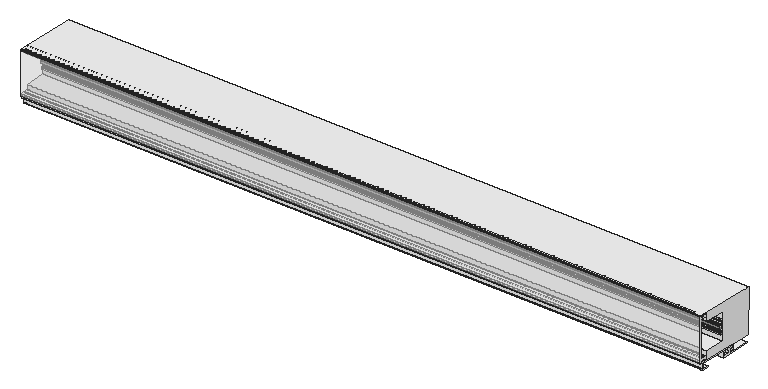
Revit family "3L-WS-D_AR", category Lighting Fixtures, host Face, Revit 2014
Parameters (values of type "3L-WS-D-4-SOF")
  Width = 3.500"  # constant formula
  Wattage = 34 W
  Warranty = "5-Years Warranty"  # constant formula
  built-in parameter 1150110 = 1 (stored number, unit not read)
  Voltage = 120 V
  Type Comments = "Lighting Fixture"  # constant formula
  built-in parameter 1114217 = 1 (stored number, unit not read)
  Tilt Angle = 90.00°
  built-in parameter 1150109 = 1 (stored number, unit not read)
  built-in parameter 1150134 = (empty or 0)
  built-in parameter 1150113 = 1 (stored number, unit not read)
  Starting Length = (Row Length / 2) * -1  # -24.000"
  Power Factor = 1
  Photometric Web File = "3L-WSx-D-4-SOF-X-CX-35K-D035.ies"
  Photometric Notes = "More IES files download on Photometric Link"  # constant formula
  Row Length = 48.000"
  Wattage Comments = "18W"
  URL = "https://www.hubbell.com/litecontrol/en/"
  Mounting = "Perimeter"  # constant formula
  Model = "MOD™ 3 LED Perimeter Wall/Slot® Direct"  # constant formula
  Manufacturer = "Litecontrol Lighting"  # constant formula
  built-in parameter 1150105 = 265.15 (stored number, unit not read)
  Lumens = 3332 lm
  built-in parameter 1150115 = 1 (stored number, unit not read)
  Load Classification = Lighting
  built-in parameter 1150137 = (empty or 0)
  built-in parameter 1150139 = (empty or 0)
  built-in parameter 1150112 = 1 (stored number, unit not read)
  built-in parameter 1150114 = 1 (stored number, unit not read)
  Lamp = "LED"  # constant formula
  built-in parameter 1150132 = (empty or 0)
  built-in parameter 1150102 = (empty or 0)
  built-in parameter 1150107 = 3500 (stored number, unit not read)
  built-in parameter 1150138 = (empty or 0)
  built-in parameter 1150106 = 2.6515 (stored number, unit not read)
  Height = 10.500"  # constant formula
  Glass = Paint - Hubbell - Textured Matte White
  Fixture Distribution = "Direct/Asymmetric Direct"  # constant formula
  Features = "Variable Intensity technology provides specifiable\r\nlumen output/wattage\r\n• End cap design eliminates visible diffuser seams/gaps\r\n• 2 SDCM color variation"  # constant formula
  Ending Length = (Row Length / 2)  # 24.000"
  Emit from Rectangle Width = Row Length - 1.000"  # 47.000"
  Emit from Rectangle Length = Width  # 3.500"
  Emit Shape Visible in Rendering = no
  built-in parameter 1150104 = 9.1045 (stored number, unit not read)
  Dimming Lamp Color Temperature Shift = <None>
  Description = "MOD™ 3 LED Perimeter Wall/Slot® Direct"  # constant formula
  Depth = 4.313"  # constant formula
  Default Elevation = 48.000"
  Create Date = "02/19/2019"  # constant formula
  Copyright = "Copyright © 2019 Litecontrol"  # constant formula
  Contact Us = "https://www.hubbell.com/hubbelllightingci/en/contactUS"
  Color Filter = 16777215
  Circuiting = "1Circuit"  # constant formula
  Bulb = Glass - Hubbell - White
  built-in parameter 1114218 = 1 (stored number, unit not read)
  Housing Material = Paint - Hubbell - Matte White
  built-in parameter 1150133 = 10 (stored number, unit not read)
  Assembly Code = "D5020200"
  Application = "Commercial Indoor,Institutional,Retail,Education,Healthcare,Library,Office,Perimeter Lighting,Public Space"  # constant formula
  Apparent Load = 0 VA
Types (3): name | Photometric Web File
  (no name) | "3L-WSx-D-4-SOF-X-CX-35K-D035.ies"
  3L-WS-D-4-NRW | "3L-WSx-D-4-NRW-X-CX-35K-D035.ies"
  3L-WS-D-4-SOF | "3L-WSx-D-4-SOF-X-CX-35K-D035.ies"
Reference planes (in)
  plane 1 "Center (Front/Back)": y = 13.01342
  plane 2: z = 0
  plane 3 "Center (Left/Right)": x = 0
  plane 4: x = -24
  plane 5: x = 24
  plane 6: z = 3.5
  plane 7: z = 0.625
  plane 8: y = 15.16992
  plane 9: y = 10.85692
Forms (in)
  Extrusion 1, solid, material "Paint - Hubbell - Matte White" <- "Housing Material"
    sketch origin (0, 0, 0) x (0, 1, 0) y (0, 0, 1)
      loop
        line (15.16992, 3.5) -> (10.98962, 3.5) -> (10.98962, 3.45757) -> (11.50525, 3.45757) -> (11.50525, 2.95861) -> (12.87603, 2.89768) -> (12.87603, 1.08511) -> (11.52756, 1.02692) -> (11.50525, 0.51658) -> (11.00525, 0.51658) -> (11.00525, 0.4429) -> (15.16992, 0.4429) -> (15.16992, 3.5)
      loop
        line (10.85692, 3.45757) -> (10.85692, 0.51658) -> (10.94277, 0.51658) -> (10.94277, 0.58385) -> (11.22043, 0.66874)
        spline (11.22043, 0.66874) -> (11.26123, 0.62829) -> (11.28879, 0.60319) -> (11.30861, 0.59002) -> (11.32601, 0.58544) -> (11.34283, 0.5873) -> (11.35797, 0.59445) -> (11.37039, 0.60581) -> (11.3806, 0.621) -> (11.39028, 0.64008) -> (11.401, 0.66316) -> (11.4125, 0.6906) -> (11.423, 0.72299)
        arc (11.423, 0.72299) -> (11.41011, 0.74044) -> (11.38905, 0.73528) r 0.01957
        spline (11.38905, 0.73528) -> (11.32346, 0.67336) -> (11.29161, 0.66677) -> (11.27482, 0.68408) -> (11.2598, 0.70279) -> (11.24303, 0.71662) -> (11.22216, 0.72203) -> (11.19526, 0.71976) -> (11.16057, 0.71163) -> (11.11637, 0.69949) -> (11.06416, 0.68506) -> (11.00941, 0.66992) -> (10.95784, 0.65567)
        line (10.95784, 0.65567) -> (10.95784, 3.31848)
        spline (10.95784, 3.31848) -> (11.00941, 3.30422) -> (11.06416, 3.28909) -> (11.11637, 3.27465) -> (11.16057, 3.26251) -> (11.19526, 3.25439) -> (11.22216, 3.25212) -> (11.24303, 3.25752) -> (11.2598, 3.27136) -> (11.27482, 3.29007) -> (11.29161, 3.30737) -> (11.32346, 3.30079) -> (11.38905, 3.23886)
        arc (11.38905, 3.23886) -> (11.41011, 3.23371) -> (11.423, 3.25115) r 0.01957
        spline (11.423, 3.25115) -> (11.4125, 3.28355) -> (11.401, 3.31099) -> (11.39028, 3.33406) -> (11.3806, 3.35314) -> (11.37039, 3.36833) -> (11.35797, 3.3797) -> (11.34283, 3.38685) -> (11.32601, 3.38871) -> (11.30861, 3.38413) -> (11.28879, 3.37096) -> (11.26123, 3.34585) -> (11.22043, 3.3054)
        line (11.22043, 3.3054) -> (10.94277, 3.39029) -> (10.94277, 3.45757) -> (10.85692, 3.45757)
    from 24 <- "Ending Length" to -24 <- "Starting Length"
  Extrusion 2, solid, material "Paint - Hubbell - Matte White" <- "Housing Material"
    sketch origin (0, 0, 0) x (0, 1, 0) y (0, 0, 1)
      loop
        line (13.73893, 0.28651) -> (13.73893, 0.34654) -> (13.38127, 0.34654) -> (13.38127, 0.27501) -> (13.45408, 0.27501) -> (13.45408, 0.02465) -> (13.02871, 0.02465) -> (13.02871, 0.27501) -> (13.08619, 0.27501) -> (13.08619, 0.34654) -> (12.97634, 0.34654) -> (12.97634, -0.03056) -> (15.04279, -0.03056) -> (15.04279, 0.02465) -> (13.93692, 0.02465) -> (13.51539, 0.02465) -> (13.51539, 0.28651) -> (13.73893, 0.28651)
      loop
        line (13.74304, 0.18665) -> (13.57032, 0.18665) -> (13.57032, 0.13067) -> (13.73382, 0.13067)
        arc (13.73382, 0.13067) -> (13.79795, 0.15723) -> (13.82452, 0.22136) r 0.09069
        line (13.82452, 0.22136) -> (13.82452, 0.35165)
        arc (13.82452, 0.35165) -> (13.79795, 0.41578) -> (13.73382, 0.44235) r 0.09069
        line (13.73382, 0.44235) -> (11.22167, 0.44235)
        arc (11.22167, 0.44235) -> (11.16346, 0.42121) -> (11.13239, 0.36764) r 0.09069
        line (11.13239, 0.36764) -> (11.13239, 0.06165)
        arc (11.13239, 0.06165) -> (11.16346, 0.00808) -> (11.22167, -0.01306) r 0.09069
        line (11.22167, -0.01306) -> (11.61775, -0.01306) -> (11.61775, 0.04077) -> (11.21299, 0.04077)
        arc (11.21299, 0.04077) -> (11.18987, 0.05035) -> (11.18029, 0.07347) r 0.03269
        line (11.18029, 0.07347) -> (11.18029, 0.35582)
        arc (11.18029, 0.35582) -> (11.18987, 0.37894) -> (11.21299, 0.38852) r 0.03269
        line (11.21299, 0.38852) -> (13.74218, 0.38852)
        arc (13.74218, 0.38852) -> (13.76741, 0.37807) -> (13.77786, 0.35283) r 0.03568
        line (13.77786, 0.35283) -> (13.77786, 0.22147)
        arc (13.77786, 0.22147) -> (13.76766, 0.19685) -> (13.74304, 0.18665) r 0.03482
    from -24 <- "Starting Length" to 24 <- "Ending Length"
  Extrusion 3, solid, material "Glass - Hubbell - White" <- "Bulb"
    sketch origin (0, 0, 0.59375) x (0, 1, 0) y (0, 0, 1)
      loop
        line (12.8639, 1.53398) -> (12.75788, 1.53398) -> (12.75788, 1.46452) -> (12.6543, 1.46452) -> (12.6543, 1.2732) -> (12.75788, 1.2732) -> (12.75788, 1.22445) -> (12.8639, 1.22445) -> (12.8639, 1.53398)
      loop
        line (12.87603, 1.62854) -> (12.87603, 1.89137) -> (12.75788, 1.90588) -> (12.75788, 1.81962) -> (12.78925, 1.78826) -> (12.78925, 1.72854) -> (12.83472, 1.72854) -> (12.83472, 1.62854) -> (12.87603, 1.62854)
      loop
        line (12.87603, 1.12989) -> (12.83472, 1.12989) -> (12.83472, 1.02989) -> (12.78925, 1.02989) -> (12.78925, 0.97018) -> (12.75788, 0.93882) -> (12.75788, 0.85256) -> (12.87603, 0.86706) -> (12.87603, 1.12989)
    from -24 <- "Starting Length" to 24 <- "Ending Length"
Dimensions and locks (in)
  "Row Length": plane 5 to plane 4
  equal spacing: plane 5, plane 3 "Center (Left/Right)", plane 4
  "Width": plane 6 to plane 2
  plane 6 to plane 2 = 3.500"
  plane 6 to host face = 3.500"
  "Depth": plane 8 to plane 9
  equal spacing: plane 8, plane 1 "Center (Front/Back)", plane 9
  aligned and locked: plane 2 to host face
  aligned and locked: level to host face
  aligned and locked: imposter light to plane 3 "Center (Left/Right)"
Automatic sketch dimensions
  host sketch curve to host sketch curve = 96.000"  (x2)
  Extrusion 1 sketch curve to plane 9 = 0.000"
  Extrusion 1 sketch curve to plane 6 = 0.000"
  Extrusion 1 sketch curve to plane 8 = 0.000"
  Extrusion 1 sketch curve to plane 9 = 0.08585"
  Extrusion 1 sketch curve to Extrusion 1 sketch curve = 0.08585"
  plane 7 to Extrusion 1 sketch curve = 0.03067"
  Extrusion 1 sketch curve to Extrusion 1 sketch curve = 0.01507"
  Extrusion 1 sketch curve to Extrusion 1 sketch curve = 0.04685"
  Extrusion 1 sketch curve to Extrusion 1 sketch curve = 0.2626"  (x2)
  plane 7 to Extrusion 1 sketch curve = 0.04374"
  plane 7 to Extrusion 1 sketch curve = 0.11028"
  Extrusion 1 sketch curve to Extrusion 1 sketch curve = 0.16862"  (x2)
  Extrusion 1 sketch curve to plane 6 = 0.26114"
  Extrusion 1 sketch curve to Extrusion 1 sketch curve = 0.01441"  (x2)
  Extrusion 1 sketch curve to plane 6 = 0.24885"
  Extrusion 1 sketch curve to Extrusion 1 sketch curve = 0.01954"  (x2)
  plane 7 to Extrusion 1 sketch curve = 0.09799"
  Extrusion 1 sketch curve to Extrusion 1 sketch curve = 0.1162"
  Extrusion 1 sketch curve to plane 7 = 0.10842"
  Extrusion 1 sketch curve to Extrusion 1 sketch curve = 0.08225"
  Extrusion 1 sketch curve to Extrusion 1 sketch curve = 0.10456"
  plane 1 "Center (Front/Back)" to Extrusion 1 sketch curve = 0.13739"
  Extrusion 1 sketch curve to Extrusion 1 sketch curve = 0.07368"  (x2)
  Extrusion 1 sketch curve to plane 7 = 0.04115"
  Extrusion 1 sketch curve to Extrusion 1 sketch curve = 0.30392"
  plane 7 to Extrusion 1 sketch curve = 0.46011"
  Extrusion 1 sketch curve to plane 6 = 0.60232"
  Extrusion 1 sketch curve to Extrusion 1 sketch curve = 0.28025"
  Extrusion 1 sketch curve to Extrusion 1 sketch curve = 0.06654"
  Extrusion 1 sketch curve to plane 6 = 0.18152"
  Extrusion 1 sketch curve to Extrusion 1 sketch curve = 0.07181"
  Extrusion 1 sketch curve to plane 6 = 0.04243"  (x2)
  Extrusion 1 sketch curve to Extrusion 1 sketch curve = 0.06248"
  Extrusion 2 sketch curve to level = 0.03056"
  Extrusion 2 sketch curve to plane 9 = 0.27547"
  Extrusion 2 sketch curve to Extrusion 2 sketch curve = 0.0479"
  Extrusion 2 sketch curve to Extrusion 2 sketch curve = 0.03269"  (x2)
  Extrusion 2 sketch curve to level = 0.01306"
  Extrusion 2 sketch curve to Extrusion 2 sketch curve = 0.00868"  (x2)
  Extrusion 2 sketch curve to Extrusion 2 sketch curve = 0.39608"
  plane 1 "Center (Front/Back)" to Extrusion 2 sketch curve = 0.03708"
  Extrusion 2 sketch curve to plane 1 "Center (Front/Back)" = 0.01529"
  Extrusion 2 sketch curve to plane 1 "Center (Front/Back)" = 0.07277"
  Extrusion 2 sketch curve to Extrusion 2 sketch curve = 0.29507"
  Extrusion 2 sketch curve to Extrusion 2 sketch curve = 0.07281"
  Extrusion 2 sketch curve to Extrusion 2 sketch curve = 0.06131"
  Extrusion 2 sketch curve to Extrusion 2 sketch curve = 0.05493"
  Extrusion 2 sketch curve to Extrusion 2 sketch curve = 0.21843"
  Extrusion 2 sketch curve to Extrusion 2 sketch curve = 0.000"  (x3)
  Extrusion 2 sketch curve to Extrusion 2 sketch curve = 0.00511"  (x2)
  Extrusion 2 sketch curve to Extrusion 2 sketch curve = 0.00325"
  Extrusion 2 sketch curve to Extrusion 2 sketch curve = 0.00922"
  Extrusion 2 sketch curve to Extrusion 2 sketch curve = 0.03568"
  Extrusion 2 sketch curve to Extrusion 2 sketch curve = 0.04665"
  level to Extrusion 2 sketch curve = 0.02465"  (x2)
  Extrusion 2 sketch curve to Extrusion 2 sketch curve = 0.11241"
  plane 8 to Extrusion 2 sketch curve = 0.12713"
  level to Extrusion 2 sketch curve = 0.04077"
  Extrusion 2 sketch curve to Extrusion 2 sketch curve = 0.01181"
  level to Extrusion 2 sketch curve = 0.13067"
  Extrusion 2 sketch curve to Extrusion 2 sketch curve = 0.05598"
  Extrusion 2 sketch curve to Extrusion 2 sketch curve = 0.25037"
  Extrusion 2 sketch curve to Extrusion 2 sketch curve = 0.08836"
  Extrusion 2 sketch curve to Extrusion 2 sketch curve = 0.0115"
  Extrusion 2 sketch curve to Extrusion 2 sketch curve = 0.07153"  (x2)
  Extrusion 2 sketch curve to Extrusion 2 sketch curve = 0.09069"
  Extrusion 2 sketch curve to Extrusion 2 sketch curve = 0.00629"
  plane 1 "Center (Front/Back)" to Extrusion 3 sketch curve = 0.35912"
  Extrusion 3 sketch curve to Extrusion 3 sketch curve = 0.10358"  (x2)
  plane 1 "Center (Front/Back)" to Extrusion 3 sketch curve = 0.25553"  (x2)
  Extrusion 3 sketch curve to Extrusion 3 sketch curve = 0.03136"  (x4)
  Extrusion 3 sketch curve to Extrusion 3 sketch curve = 0.04547"  (x2)
  Extrusion 3 sketch curve to Extrusion 3 sketch curve = 0.02919"
  Extrusion 3 sketch curve to Extrusion 3 sketch curve = 0.11814"  (x2)
  plane 7 to Extrusion 3 sketch curve = 0.82131"
  Extrusion 3 sketch curve to Extrusion 3 sketch curve = 0.01451"
  Extrusion 3 sketch curve to Extrusion 3 sketch curve = 0.08626"  (x2)
  Extrusion 3 sketch curve to Extrusion 3 sketch curve = 0.05971"  (x2)
  Extrusion 3 sketch curve to Extrusion 3 sketch curve = 0.100"  (x2)
  Extrusion 3 sketch curve to Extrusion 3 sketch curve = 0.09456"  (x2)
  Extrusion 3 sketch curve to Extrusion 3 sketch curve = 0.04874"
  Extrusion 3 sketch curve to Extrusion 3 sketch curve = 0.19132"
  Extrusion 3 sketch curve to Extrusion 3 sketch curve = 0.06946"
  Extrusion 3 sketch curve to Extrusion 3 sketch curve = 0.10312"
Connectors (in)
  electrical at (0, 13.07977, 3.5)
    settings: on Extrusion 1, index 1, voltage 120 V, apparent load 0 VA, apparent load phase1 0 VA, apparent load phase2 0 VA, apparent load phase3 0 VA, power factor 1, load classification "Other", number of poles 1, system type 30, power factor state 1, is connector primary yes, connector utility no, sub classification motor no, connector description "Lighting Connector"
